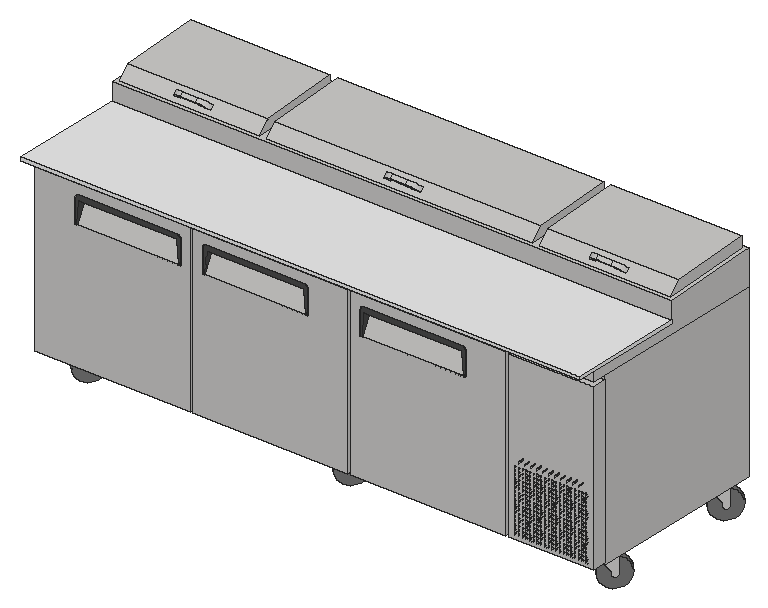
Revit family "QF_Turbo Air_TPR-93SD", category Specialty Equipment, Revit 2012
Parameters
  Weight in Pounds = 577
  Watermarked By = "http://revitwatermark.com"
  Volts = 115 V
  URL Cutsheet = ""
  URL = "www.turboairinc.com"
  Status [instance] = ""
  Specification by User [instance] = ""
  Specification by Manufacturer [instance] = ""
  Serial Number [instance] = ""
  Revision Code [instance] = ""
  Phase = 1
  Number of Poles [instance] = 1
  NAFEM Spec ID Number [instance] = ""
  Model = "TPR-93SD"
  Masterspec [instance] = ""
  Manufacturer = "Turbo Air"  # constant formula
  Legs [instance] = [6 inch Legs]  # no
  Item Number [instance] = "-"
  Installed By [instance] = ""
  HP = "2/3"
  Furnished By [instance] = ""
  Foodservice Equipment Identifier = yes
  FL Amps = 11 A
  Electrical Remarks [instance] = ""
  Electric Connection Type [instance] = ""
  Elec Conn RI Height [instance] = 0' - 0"
  Elec Conn Connection Height = 1' - 0"
  Description = "Pizza Prep Table"
  Cycle = 60 Hz
  Conn Plug = "NEMA 5-15P"
  Casters [instance] = not(Legs)  # yes
  CasterLeg Height [instance] = if([5 inch Casters], 0' 5 7/8", if([2_5 inch Casters], 0' 3 3/8", 0' 6"))  # 0' - 5 7/8"
  CSI MasterFormat = "11 41 13"
  Assembly Code = "E1090320"
  Apparent Power = if(Phase = 3, Volts * FL Amps * 1.73, Volts * FL Amps)  # 1265 VA
  6 inch Legs [instance] = no
  5 inch Casters [instance] = yes
  2_5 inch Casters [instance] = no
Reference planes (in)
  plane 1 "BACK": y = 0
  plane 2: z = 0
  plane 3 "LEFT": x = -20.78844
  plane 4 "RIGHT": x = 72.58656
  plane 5 "Front of Door": y = -32.25
  plane 6 "FRONT": y = -35.25
  plane 7 "Front of Pans": y = -16
  plane 8 "Left of Compressor": x = 58.46156
  plane 9 "Right of Left Door": x = 5.21156
  plane 10 "Bottom": z = 5.875
  plane 11 "TOP": z = 41.875
  plane 12 "Door Clearance": z = 53.25
  plane 13 "Work Top": z = 35.875
  plane 14: z = 34.3125
  plane 15 "Top of Door": z = 33.5625
  plane 16 "Bottom of Door": z = 6.125
  plane 17 "Back Stops": y = 1
  plane 18 "Front of Box": y = -29.875
  plane 19 "Left of Left Lid": x = -20.10094
  plane 20 "Right of Right Lid": x = 71.89906
  plane 21 "Handle Center of Left Lid": x = -8.44469
  plane 22 "Handle Elevation": z = 40.14331
  plane 23 "Handle Center FB": y = -14.47887
  plane 24 "Right of Right Door": x = 57.96156
  plane 25 "Left of Right Door": x = 31.96156
  plane 26 "Right of Left Lid": x = 3.21156
  plane 27 "Left of Right Lid": x = 50.02406
  plane 28 "Handle Center Right Lid": x = 60.96156
  plane 29 "Left of Middle Lid": x = 4.39906
  plane 30 "Right of Middle Lid": x = 48.83656
  plane 31 "Handle Center Middle Lid": x = 26.61781
  plane 32 "Left of Middle Door": x = 5.58656
  plane 33 "Right of Middle Door": x = 31.58656
Forms (in)
  Extrusion 1, solid, material "QF_Finishes_Stainless Steel"
    sketch origin (-20.78844, 0, 0) x (0, 1, 0) y (0, 0, 1)
      loop
        line (0, 34.3125) -> (-29.875, 34.3125) -> (-29.875, 5.875) -> (0, 5.875) -> (0, 34.3125)
    from 0 to 93.375
  Extrusion 2, solid, material "QF_Finishes_Stainless Steel"
    sketch origin (-20.78844, 0, 0) x (0, 1, 0) y (0, 0, 1)
      loop
        line (0, 34.3125) -> (0, 40.1875) -> (-16, 39.1875) -> (-16, 35.875) -> (-32.25, 35.875) -> (-32.25, 34.3125) -> (0, 34.3125)
    from 0 to 93.375
  Extrusion 3, solid, material "QF_Finishes_Stainless Steel"
    sketch origin (-20.10094, 0, 0) x (0, 1, 0) y (0, 0, 1)
      loop
        line (-0.43665, 40.16021) -> (-0.54382, 41.875) -> (-13.67506, 41.0543) -> (-15.28268, 39.23233) -> (-0.43665, 40.16021)
    from 0 to 23.3125
  Extrusion 4, solid, material "QF_Finishes_Stainless Steel"
    sketch origin (0, 15.62211, 13.58363) x (1, 0, 0) y (0, -0.749838, 0.661622)
      loop
        line (-6.44469, 40.14331) -> (-5.44469, 40.14331)
        arc (-5.44469, 40.14331) -> (-6.1194, 41.04872) -> (-7.19469, 41.39331) r 1.85
        line (-7.19469, 41.39331) -> (-9.69469, 41.39331)
        arc (-9.69469, 41.39331) -> (-10.76998, 41.04872) -> (-11.44469, 40.14331) r 1.85
        line (-11.44469, 40.14331) -> (-10.44469, 40.14331) -> (-10.44469, 40.64331)
        arc (-10.44469, 40.64331) -> (-10.29824, 40.99687) -> (-9.94469, 41.14331) r 0.5
        line (-9.94469, 41.14331) -> (-6.94469, 41.14331)
        arc (-6.94469, 41.14331) -> (-6.59114, 40.99687) -> (-6.44469, 40.64331) r 0.5
        line (-6.44469, 40.64331) -> (-6.44469, 40.14331)
    from -0.375 to 0.375
  Extrusion 5, solid, material "QF_Finishes_Black"
    sketch origin (0, -29.875, 0) x (1, 0, 0) y (0, 0, 1)
      loop
        line (-19.78844, 32.5625) -> (-19.78844, 7.125) -> (4.21156, 7.125) -> (4.21156, 32.5625) -> (-19.78844, 32.5625)
    from 0 to 0.5625
  Extrusion 6, solid, material "QF_Finishes_Stainless Steel"
    sketch origin (0, -29.875, 0) x (1, 0, 0) y (0, 0, 1)
      loop
        line (58.46156, 33.5625) -> (58.46156, 6.125) -> (72.58656, 6.125) -> (72.58656, 33.5625) -> (58.46156, 33.5625)
      loop
        line (66.02406, 7.125) -> (65.64906, 7.125) -> (65.64906, 6.75) -> (66.02406, 6.75) -> (66.02406, 7.125)
      loop
        line (66.64906, 7.125) -> (66.27406, 7.125) -> (66.27406, 6.75) -> (66.64906, 6.75) -> (66.64906, 7.125)
      loop
        line (67.27406, 7.125) -> (66.89906, 7.125) -> (66.89906, 6.75) -> (67.27406, 6.75) -> (67.27406, 7.125)
      loop
        line (67.89906, 7.125) -> (67.52406, 7.125) -> (67.52406, 6.75) -> (67.89906, 6.75) -> (67.89906, 7.125)
      loop
        line (68.52406, 7.125) -> (68.14906, 7.125) -> (68.14906, 6.75) -> (68.52406, 6.75) -> (68.52406, 7.125)
      loop
        line (69.14906, 7.125) -> (68.77406, 7.125) -> (68.77406, 6.75) -> (69.14906, 6.75) -> (69.14906, 7.125)
      loop
        line (69.77406, 7.125) -> (69.39906, 7.125) -> (69.39906, 6.75) -> (69.77406, 6.75) -> (69.77406, 7.125)
      loop
        line (70.39906, 7.125) -> (70.02406, 7.125) -> (70.02406, 6.75) -> (70.39906, 6.75) -> (70.39906, 7.125)
      loop
        line (71.02406, 7.125) -> (70.64906, 7.125) -> (70.64906, 6.75) -> (71.02406, 6.75) -> (71.02406, 7.125)
      loop
        line (71.64906, 6.75) -> (71.64906, 7.125) -> (71.27406, 7.125) -> (71.27406, 6.75) -> (71.64906, 6.75)
      loop
        line (65.02406, 7.125) -> (65.02406, 6.75) -> (65.39906, 6.75) -> (65.39906, 7.125) -> (65.02406, 7.125)
      loop
        line (64.39906, 7.125) -> (64.39906, 6.75) -> (64.77406, 6.75) -> (64.77406, 7.125) -> (64.39906, 7.125)
      loop
        line (63.77406, 7.125) -> (63.77406, 6.75) -> (64.14906, 6.75) -> (64.14906, 7.125) -> (63.77406, 7.125)
      loop
        line (63.14906, 7.125) -> (63.14906, 6.75) -> (63.52406, 6.75) -> (63.52406, 7.125) -> (63.14906, 7.125)
      loop
        line (62.52406, 7.125) -> (62.52406, 6.75) -> (62.89906, 6.75) -> (62.89906, 7.125) -> (62.52406, 7.125)
      loop
        line (61.89906, 7.125) -> (61.89906, 6.75) -> (62.27406, 6.75) -> (62.27406, 7.125) -> (61.89906, 7.125)
      loop
        line (61.27406, 7.125) -> (61.27406, 6.75) -> (61.64906, 6.75) -> (61.64906, 7.125) -> (61.27406, 7.125)
      loop
        line (60.64906, 7.125) -> (60.64906, 6.75) -> (61.02406, 6.75) -> (61.02406, 7.125) -> (60.64906, 7.125)
      loop
        line (60.02406, 7.125) -> (60.02406, 6.75) -> (60.39906, 6.75) -> (60.39906, 7.125) -> (60.02406, 7.125)
      loop
        line (59.39906, 6.75) -> (59.77406, 6.75) -> (59.77406, 7.125) -> (59.39906, 7.125) -> (59.39906, 6.75)
      loop
        line (66.02406, 7.75) -> (65.64906, 7.75) -> (65.64906, 7.375) -> (66.02406, 7.375) -> (66.02406, 7.75)
      loop
        line (66.64906, 7.75) -> (66.27406, 7.75) -> (66.27406, 7.375) -> (66.64906, 7.375) -> (66.64906, 7.75)
      loop
        line (67.27406, 7.75) -> (66.89906, 7.75) -> (66.89906, 7.375) -> (67.27406, 7.375) -> (67.27406, 7.75)
      loop
        line (67.89906, 7.75) -> (67.52406, 7.75) -> (67.52406, 7.375) -> (67.89906, 7.375) -> (67.89906, 7.75)
      loop
        line (68.52406, 7.75) -> (68.14906, 7.75) -> (68.14906, 7.375) -> (68.52406, 7.375) -> (68.52406, 7.75)
      loop
        line (69.14906, 7.75) -> (68.77406, 7.75) -> (68.77406, 7.375) -> (69.14906, 7.375) -> (69.14906, 7.75)
      loop
        line (69.77406, 7.75) -> (69.39906, 7.75) -> (69.39906, 7.375) -> (69.77406, 7.375) -> (69.77406, 7.75)
      loop
        line (70.39906, 7.75) -> (70.02406, 7.75) -> (70.02406, 7.375) -> (70.39906, 7.375) -> (70.39906, 7.75)
      loop
        line (71.02406, 7.75) -> (70.64906, 7.75) -> (70.64906, 7.375) -> (71.02406, 7.375) -> (71.02406, 7.75)
      loop
        line (71.64906, 7.375) -> (71.64906, 7.75) -> (71.27406, 7.75) -> (71.27406, 7.375) -> (71.64906, 7.375)
      loop
        line (65.02406, 7.75) -> (65.02406, 7.375) -> (65.39906, 7.375) -> (65.39906, 7.75) -> (65.02406, 7.75)
      loop
        line (64.39906, 7.75) -> (64.39906, 7.375) -> (64.77406, 7.375) -> (64.77406, 7.75) -> (64.39906, 7.75)
      loop
        line (63.77406, 7.75) -> (63.77406, 7.375) -> (64.14906, 7.375) -> (64.14906, 7.75) -> (63.77406, 7.75)
      loop
        line (63.14906, 7.75) -> (63.14906, 7.375) -> (63.52406, 7.375) -> (63.52406, 7.75) -> (63.14906, 7.75)
      loop
        line (62.52406, 7.75) -> (62.52406, 7.375) -> (62.89906, 7.375) -> (62.89906, 7.75) -> (62.52406, 7.75)
      loop
        line (61.89906, 7.75) -> (61.89906, 7.375) -> (62.27406, 7.375) -> (62.27406, 7.75) -> (61.89906, 7.75)
      loop
        line (61.27406, 7.75) -> (61.27406, 7.375) -> (61.64906, 7.375) -> (61.64906, 7.75) -> (61.27406, 7.75)
      loop
        line (60.64906, 7.75) -> (60.64906, 7.375) -> (61.02406, 7.375) -> (61.02406, 7.75) -> (60.64906, 7.75)
      loop
        line (60.02406, 7.75) -> (60.02406, 7.375) -> (60.39906, 7.375) -> (60.39906, 7.75) -> (60.02406, 7.75)
      loop
        line (59.39906, 7.375) -> (59.77406, 7.375) -> (59.77406, 7.75) -> (59.39906, 7.75) -> (59.39906, 7.375)
      loop
        line (66.02406, 8.375) -> (65.64906, 8.375) -> (65.64906, 8) -> (66.02406, 8) -> (66.02406, 8.375)
      loop
        line (66.64906, 8.375) -> (66.27406, 8.375) -> (66.27406, 8) -> (66.64906, 8) -> (66.64906, 8.375)
      loop
        line (67.27406, 8.375) -> (66.89906, 8.375) -> (66.89906, 8) -> (67.27406, 8) -> (67.27406, 8.375)
      loop
        line (67.89906, 8.375) -> (67.52406, 8.375) -> (67.52406, 8) -> (67.89906, 8) -> (67.89906, 8.375)
      loop
        line (68.52406, 8.375) -> (68.14906, 8.375) -> (68.14906, 8) -> (68.52406, 8) -> (68.52406, 8.375)
      loop
        line (69.14906, 8.375) -> (68.77406, 8.375) -> (68.77406, 8) -> (69.14906, 8) -> (69.14906, 8.375)
      loop
        line (69.77406, 8.375) -> (69.39906, 8.375) -> (69.39906, 8) -> (69.77406, 8) -> (69.77406, 8.375)
      loop
        line (70.39906, 8.375) -> (70.02406, 8.375) -> (70.02406, 8) -> (70.39906, 8) -> (70.39906, 8.375)
      loop
        line (71.02406, 8.375) -> (70.64906, 8.375) -> (70.64906, 8) -> (71.02406, 8) -> (71.02406, 8.375)
      loop
        line (71.64906, 8) -> (71.64906, 8.375) -> (71.27406, 8.375) -> (71.27406, 8) -> (71.64906, 8)
      loop
        line (65.02406, 8.375) -> (65.02406, 8) -> (65.39906, 8) -> (65.39906, 8.375) -> (65.02406, 8.375)
      loop
        line (64.39906, 8.375) -> (64.39906, 8) -> (64.77406, 8) -> (64.77406, 8.375) -> (64.39906, 8.375)
      loop
        line (63.77406, 8.375) -> (63.77406, 8) -> (64.14906, 8) -> (64.14906, 8.375) -> (63.77406, 8.375)
      loop
        line (63.14906, 8.375) -> (63.14906, 8) -> (63.52406, 8) -> (63.52406, 8.375) -> (63.14906, 8.375)
      loop
        line (62.52406, 8.375) -> (62.52406, 8) -> (62.89906, 8) -> (62.89906, 8.375) -> (62.52406, 8.375)
      loop
        line (61.89906, 8.375) -> (61.89906, 8) -> (62.27406, 8) -> (62.27406, 8.375) -> (61.89906, 8.375)
      loop
        line (61.27406, 8.375) -> (61.27406, 8) -> (61.64906, 8) -> (61.64906, 8.375) -> (61.27406, 8.375)
      loop
        line (60.64906, 8.375) -> (60.64906, 8) -> (61.02406, 8) -> (61.02406, 8.375) -> (60.64906, 8.375)
      loop
        line (60.02406, 8.375) -> (60.02406, 8) -> (60.39906, 8) -> (60.39906, 8.375) -> (60.02406, 8.375)
      loop
        line (59.39906, 8) -> (59.77406, 8) -> (59.77406, 8.375) -> (59.39906, 8.375) -> (59.39906, 8)
      loop
        line (66.02406, 9) -> (65.64906, 9) -> (65.64906, 8.625) -> (66.02406, 8.625) -> (66.02406, 9)
      loop
        line (66.64906, 9) -> (66.27406, 9) -> (66.27406, 8.625) -> (66.64906, 8.625) -> (66.64906, 9)
      loop
        line (67.27406, 9) -> (66.89906, 9) -> (66.89906, 8.625) -> (67.27406, 8.625) -> (67.27406, 9)
      loop
        line (67.89906, 9) -> (67.52406, 9) -> (67.52406, 8.625) -> (67.89906, 8.625) -> (67.89906, 9)
      loop
        line (68.52406, 9) -> (68.14906, 9) -> (68.14906, 8.625) -> (68.52406, 8.625) -> (68.52406, 9)
      loop
        line (69.14906, 9) -> (68.77406, 9) -> (68.77406, 8.625) -> (69.14906, 8.625) -> (69.14906, 9)
      loop
        line (69.77406, 9) -> (69.39906, 9) -> (69.39906, 8.625) -> (69.77406, 8.625) -> (69.77406, 9)
      loop
        line (70.39906, 9) -> (70.02406, 9) -> (70.02406, 8.625) -> (70.39906, 8.625) -> (70.39906, 9)
      loop
        line (71.02406, 9) -> (70.64906, 9) -> (70.64906, 8.625) -> (71.02406, 8.625) -> (71.02406, 9)
      loop
        line (71.64906, 8.625) -> (71.64906, 9) -> (71.27406, 9) -> (71.27406, 8.625) -> (71.64906, 8.625)
      loop
        line (65.02406, 9) -> (65.02406, 8.625) -> (65.39906, 8.625) -> (65.39906, 9) -> (65.02406, 9)
      loop
        line (64.39906, 9) -> (64.39906, 8.625) -> (64.77406, 8.625) -> (64.77406, 9) -> (64.39906, 9)
      loop
        line (63.77406, 9) -> (63.77406, 8.625) -> (64.14906, 8.625) -> (64.14906, 9) -> (63.77406, 9)
      loop
        line (63.14906, 9) -> (63.14906, 8.625) -> (63.52406, 8.625) -> (63.52406, 9) -> (63.14906, 9)
      loop
        line (62.52406, 9) -> (62.52406, 8.625) -> (62.89906, 8.625) -> (62.89906, 9) -> (62.52406, 9)
      loop
        line (61.89906, 9) -> (61.89906, 8.625) -> (62.27406, 8.625) -> (62.27406, 9) -> (61.89906, 9)
      loop
        line (61.27406, 9) -> (61.27406, 8.625) -> (61.64906, 8.625) -> (61.64906, 9) -> (61.27406, 9)
      loop
        line (60.64906, 9) -> (60.64906, 8.625) -> (61.02406, 8.625) -> (61.02406, 9) -> (60.64906, 9)
      loop
        line (60.02406, 9) -> (60.02406, 8.625) -> (60.39906, 8.625) -> (60.39906, 9) -> (60.02406, 9)
      loop
        line (59.39906, 8.625) -> (59.77406, 8.625) -> (59.77406, 9) -> (59.39906, 9) -> (59.39906, 8.625)
      loop
        line (66.02406, 9.625) -> (65.64906, 9.625) -> (65.64906, 9.25) -> (66.02406, 9.25) -> (66.02406, 9.625)
      loop
        line (66.64906, 9.625) -> (66.27406, 9.625) -> (66.27406, 9.25) -> (66.64906, 9.25) -> (66.64906, 9.625)
      loop
        line (67.27406, 9.625) -> (66.89906, 9.625) -> (66.89906, 9.25) -> (67.27406, 9.25) -> (67.27406, 9.625)
      loop
        line (67.89906, 9.625) -> (67.52406, 9.625) -> (67.52406, 9.25) -> (67.89906, 9.25) -> (67.89906, 9.625)
      loop
        line (68.52406, 9.625) -> (68.14906, 9.625) -> (68.14906, 9.25) -> (68.52406, 9.25) -> (68.52406, 9.625)
      loop
        line (69.14906, 9.625) -> (68.77406, 9.625) -> (68.77406, 9.25) -> (69.14906, 9.25) -> (69.14906, 9.625)
      loop
        line (69.77406, 9.625) -> (69.39906, 9.625) -> (69.39906, 9.25) -> (69.77406, 9.25) -> (69.77406, 9.625)
      loop
        line (70.39906, 9.625) -> (70.02406, 9.625) -> (70.02406, 9.25) -> (70.39906, 9.25) -> (70.39906, 9.625)
      loop
        line (71.02406, 9.625) -> (70.64906, 9.625) -> (70.64906, 9.25) -> (71.02406, 9.25) -> (71.02406, 9.625)
      loop
        line (71.64906, 9.25) -> (71.64906, 9.625) -> (71.27406, 9.625) -> (71.27406, 9.25) -> (71.64906, 9.25)
      loop
        line (65.02406, 9.625) -> (65.02406, 9.25) -> (65.39906, 9.25) -> (65.39906, 9.625) -> (65.02406, 9.625)
      loop
        line (64.39906, 9.625) -> (64.39906, 9.25) -> (64.77406, 9.25) -> (64.77406, 9.625) -> (64.39906, 9.625)
      loop
        line (63.77406, 9.625) -> (63.77406, 9.25) -> (64.14906, 9.25) -> (64.14906, 9.625) -> (63.77406, 9.625)
      loop
        line (63.14906, 9.625) -> (63.14906, 9.25) -> (63.52406, 9.25) -> (63.52406, 9.625) -> (63.14906, 9.625)
      loop
        line (62.52406, 9.625) -> (62.52406, 9.25) -> (62.89906, 9.25) -> (62.89906, 9.625) -> (62.52406, 9.625)
      loop
        line (61.89906, 9.625) -> (61.89906, 9.25) -> (62.27406, 9.25) -> (62.27406, 9.625) -> (61.89906, 9.625)
      loop
        line (61.27406, 9.625) -> (61.27406, 9.25) -> (61.64906, 9.25) -> (61.64906, 9.625) -> (61.27406, 9.625)
      loop
        line (60.64906, 9.625) -> (60.64906, 9.25) -> (61.02406, 9.25) -> (61.02406, 9.625) -> (60.64906, 9.625)
      loop
        line (60.02406, 9.625) -> (60.02406, 9.25) -> (60.39906, 9.25) -> (60.39906, 9.625) -> (60.02406, 9.625)
      loop
        line (59.39906, 9.25) -> (59.77406, 9.25) -> (59.77406, 9.625) -> (59.39906, 9.625) -> (59.39906, 9.25)
      loop
        line (66.02406, 10.25) -> (65.64906, 10.25) -> (65.64906, 9.875) -> (66.02406, 9.875) -> (66.02406, 10.25)
      loop
        line (66.64906, 10.25) -> (66.27406, 10.25) -> (66.27406, 9.875) -> (66.64906, 9.875) -> (66.64906, 10.25)
      loop
        line (67.27406, 10.25) -> (66.89906, 10.25) -> (66.89906, 9.875) -> (67.27406, 9.875) -> (67.27406, 10.25)
      loop
        line (67.89906, 10.25) -> (67.52406, 10.25) -> (67.52406, 9.875) -> (67.89906, 9.875) -> (67.89906, 10.25)
      loop
        line (68.52406, 10.25) -> (68.14906, 10.25) -> (68.14906, 9.875) -> (68.52406, 9.875) -> (68.52406, 10.25)
      loop
        line (69.14906, 10.25) -> (68.77406, 10.25) -> (68.77406, 9.875) -> (69.14906, 9.875) -> (69.14906, 10.25)
      loop
        line (69.77406, 10.25) -> (69.39906, 10.25) -> (69.39906, 9.875) -> (69.77406, 9.875) -> (69.77406, 10.25)
      loop
        line (70.39906, 10.25) -> (70.02406, 10.25) -> (70.02406, 9.875) -> (70.39906, 9.875) -> (70.39906, 10.25)
      loop
        line (71.02406, 10.25) -> (70.64906, 10.25) -> (70.64906, 9.875) -> (71.02406, 9.875) -> (71.02406, 10.25)
      loop
        line (71.64906, 9.875) -> (71.64906, 10.25) -> (71.27406, 10.25) -> (71.27406, 9.875) -> (71.64906, 9.875)
      loop
        line (65.02406, 10.25) -> (65.02406, 9.875) -> (65.39906, 9.875) -> (65.39906, 10.25) -> (65.02406, 10.25)
      loop
        line (64.39906, 10.25) -> (64.39906, 9.875) -> (64.77406, 9.875) -> (64.77406, 10.25) -> (64.39906, 10.25)
      loop
        line (63.77406, 10.25) -> (63.77406, 9.875) -> (64.14906, 9.875) -> (64.14906, 10.25) -> (63.77406, 10.25)
      loop
        line (63.14906, 10.25) -> (63.14906, 9.875) -> (63.52406, 9.875) -> (63.52406, 10.25) -> (63.14906, 10.25)
      loop
        line (62.52406, 10.25) -> (62.52406, 9.875) -> (62.89906, 9.875) -> (62.89906, 10.25) -> (62.52406, 10.25)
      loop
        line (61.89906, 10.25) -> (61.89906, 9.875) -> (62.27406, 9.875) -> (62.27406, 10.25) -> (61.89906, 10.25)
      loop
        line (61.27406, 10.25) -> (61.27406, 9.875) -> (61.64906, 9.875) -> (61.64906, 10.25) -> (61.27406, 10.25)
      loop
        line (60.64906, 10.25) -> (60.64906, 9.875) -> (61.02406, 9.875) -> (61.02406, 10.25) -> (60.64906, 10.25)
      loop
        line (60.02406, 10.25) -> (60.02406, 9.875) -> (60.39906, 9.875) -> (60.39906, 10.25) -> (60.02406, 10.25)
      loop
        line (59.39906, 9.875) -> (59.77406, 9.875) -> (59.77406, 10.25) -> (59.39906, 10.25) -> (59.39906, 9.875)
      loop
        line (66.02406, 10.875) -> (65.64906, 10.875) -> (65.64906, 10.5) -> (66.02406, 10.5) -> (66.02406, 10.875)
      loop
        line (66.64906, 10.875) -> (66.27406, 10.875) -> (66.27406, 10.5) -> (66.64906, 10.5) -> (66.64906, 10.875)
      loop
        line (67.27406, 10.875) -> (66.89906, 10.875) -> (66.89906, 10.5) -> (67.27406, 10.5) -> (67.27406, 10.875)
      loop
        line (67.89906, 10.875) -> (67.52406, 10.875) -> (67.52406, 10.5) -> (67.89906, 10.5) -> (67.89906, 10.875)
      loop
        line (68.52406, 10.875) -> (68.14906, 10.875) -> (68.14906, 10.5) -> (68.52406, 10.5) -> (68.52406, 10.875)
      loop
        line (69.14906, 10.875) -> (68.77406, 10.875) -> (68.77406, 10.5) -> (69.14906, 10.5) -> (69.14906, 10.875)
      loop
        line (69.77406, 10.875) -> (69.39906, 10.875) -> (69.39906, 10.5) -> (69.77406, 10.5) -> (69.77406, 10.875)
      loop
        line (70.39906, 10.875) -> (70.02406, 10.875) -> (70.02406, 10.5) -> (70.39906, 10.5) -> (70.39906, 10.875)
      loop
        line (71.02406, 10.875) -> (70.64906, 10.875) -> (70.64906, 10.5) -> (71.02406, 10.5) -> (71.02406, 10.875)
      loop
        line (71.64906, 10.5) -> (71.64906, 10.875) -> (71.27406, 10.875) -> (71.27406, 10.5) -> (71.64906, 10.5)
      loop
        line (65.02406, 10.875) -> (65.02406, 10.5) -> (65.39906, 10.5) -> (65.39906, 10.875) -> (65.02406, 10.875)
      loop
        line (64.39906, 10.875) -> (64.39906, 10.5) -> (64.77406, 10.5) -> (64.77406, 10.875) -> (64.39906, 10.875)
      loop
        line (63.77406, 10.875) -> (63.77406, 10.5) -> (64.14906, 10.5) -> (64.14906, 10.875) -> (63.77406, 10.875)
      loop
        line (63.14906, 10.875) -> (63.14906, 10.5) -> (63.52406, 10.5) -> (63.52406, 10.875) -> (63.14906, 10.875)
      loop
        line (62.52406, 10.875) -> (62.52406, 10.5) -> (62.89906, 10.5) -> (62.89906, 10.875) -> (62.52406, 10.875)
      loop
        line (61.89906, 10.875) -> (61.89906, 10.5) -> (62.27406, 10.5) -> (62.27406, 10.875) -> (61.89906, 10.875)
      loop
        line (61.27406, 10.875) -> (61.27406, 10.5) -> (61.64906, 10.5) -> (61.64906, 10.875) -> (61.27406, 10.875)
      loop
        line (60.64906, 10.875) -> (60.64906, 10.5) -> (61.02406, 10.5) -> (61.02406, 10.875) -> (60.64906, 10.875)
      loop
        line (60.02406, 10.875) -> (60.02406, 10.5) -> (60.39906, 10.5) -> (60.39906, 10.875) -> (60.02406, 10.875)
      loop
        line (59.39906, 10.5) -> (59.77406, 10.5) -> (59.77406, 10.875) -> (59.39906, 10.875) -> (59.39906, 10.5)
      loop
        line (66.02406, 11.5) -> (65.64906, 11.5) -> (65.64906, 11.125) -> (66.02406, 11.125) -> (66.02406, 11.5)
      loop
        line (66.64906, 11.5) -> (66.27406, 11.5) -> (66.27406, 11.125) -> (66.64906, 11.125) -> (66.64906, 11.5)
      loop
        line (67.27406, 11.5) -> (66.89906, 11.5) -> (66.89906, 11.125) -> (67.27406, 11.125) -> (67.27406, 11.5)
      loop
        line (67.89906, 11.5) -> (67.52406, 11.5) -> (67.52406, 11.125) -> (67.89906, 11.125) -> (67.89906, 11.5)
      loop
        line (68.52406, 11.5) -> (68.14906, 11.5) -> (68.14906, 11.125) -> (68.52406, 11.125) -> (68.52406, 11.5)
      loop
        line (69.14906, 11.5) -> (68.77406, 11.5) -> (68.77406, 11.125) -> (69.14906, 11.125) -> (69.14906, 11.5)
      loop
        line (69.77406, 11.5) -> (69.39906, 11.5) -> (69.39906, 11.125) -> (69.77406, 11.125) -> (69.77406, 11.5)
      loop
        line (70.39906, 11.5) -> (70.02406, 11.5) -> (70.02406, 11.125) -> (70.39906, 11.125) -> (70.39906, 11.5)
      loop
        line (71.02406, 11.5) -> (70.64906, 11.5) -> (70.64906, 11.125) -> (71.02406, 11.125) -> (71.02406, 11.5)
      loop
        line (71.64906, 11.125) -> (71.64906, 11.5) -> (71.27406, 11.5) -> (71.27406, 11.125) -> (71.64906, 11.125)
      loop
        line (65.02406, 11.5) -> (65.02406, 11.125) -> (65.39906, 11.125) -> (65.39906, 11.5) -> (65.02406, 11.5)
      loop
        line (64.39906, 11.5) -> (64.39906, 11.125) -> (64.77406, 11.125) -> (64.77406, 11.5) -> (64.39906, 11.5)
      loop
        line (63.77406, 11.5) -> (63.77406, 11.125) -> (64.14906, 11.125) -> (64.14906, 11.5) -> (63.77406, 11.5)
      loop
        line (63.14906, 11.5) -> (63.14906, 11.125) -> (63.52406, 11.125) -> (63.52406, 11.5) -> (63.14906, 11.5)
      loop
        line (62.52406, 11.5) -> (62.52406, 11.125) -> (62.89906, 11.125) -> (62.89906, 11.5) -> (62.52406, 11.5)
      loop
        line (61.89906, 11.5) -> (61.89906, 11.125) -> (62.27406, 11.125) -> (62.27406, 11.5) -> (61.89906, 11.5)
      loop
        line (61.27406, 11.5) -> (61.27406, 11.125) -> (61.64906, 11.125) -> (61.64906, 11.5) -> (61.27406, 11.5)
      loop
        line (60.64906, 11.5) -> (60.64906, 11.125) -> (61.02406, 11.125) -> (61.02406, 11.5) -> (60.64906, 11.5)
      loop
        line (60.02406, 11.5) -> (60.02406, 11.125) -> (60.39906, 11.125) -> (60.39906, 11.5) -> (60.02406, 11.5)
      loop
        line (59.39906, 11.125) -> (59.77406, 11.125) -> (59.77406, 11.5) -> (59.39906, 11.5) -> (59.39906, 11.125)
      loop
        line (66.02406, 12.125) -> (65.64906, 12.125) -> (65.64906, 11.75) -> (66.02406, 11.75) -> (66.02406, 12.125)
      loop
        line (66.64906, 12.125) -> (66.27406, 12.125) -> (66.27406, 11.75) -> (66.64906, 11.75) -> (66.64906, 12.125)
      loop
        line (67.27406, 12.125) -> (66.89906, 12.125) -> (66.89906, 11.75) -> (67.27406, 11.75) -> (67.27406, 12.125)
      loop
        line (67.89906, 12.125) -> (67.52406, 12.125) -> (67.52406, 11.75) -> (67.89906, 11.75) -> (67.89906, 12.125)
      loop
        line (68.52406, 12.125) -> (68.14906, 12.125) -> (68.14906, 11.75) -> (68.52406, 11.75) -> (68.52406, 12.125)
      loop
        line (69.14906, 12.125) -> (68.77406, 12.125) -> (68.77406, 11.75) -> (69.14906, 11.75) -> (69.14906, 12.125)
      loop
        line (69.77406, 12.125) -> (69.39906, 12.125) -> (69.39906, 11.75) -> (69.77406, 11.75) -> (69.77406, 12.125)
      loop
        line (70.39906, 12.125) -> (70.02406, 12.125) -> (70.02406, 11.75) -> (70.39906, 11.75) -> (70.39906, 12.125)
      loop
        line (71.02406, 12.125) -> (70.64906, 12.125) -> (70.64906, 11.75) -> (71.02406, 11.75) -> (71.02406, 12.125)
      loop
        line (71.64906, 11.75) -> (71.64906, 12.125) -> (71.27406, 12.125) -> (71.27406, 11.75) -> (71.64906, 11.75)
      loop
        line (65.02406, 12.125) -> (65.02406, 11.75) -> (65.39906, 11.75) -> (65.39906, 12.125) -> (65.02406, 12.125)
      loop
        line (64.39906, 12.125) -> (64.39906, 11.75) -> (64.77406, 11.75) -> (64.77406, 12.125) -> (64.39906, 12.125)
      loop
        line (63.77406, 12.125) -> (63.77406, 11.75) -> (64.14906, 11.75) -> (64.14906, 12.125) -> (63.77406, 12.125)
      loop
        line (63.14906, 12.125) -> (63.14906, 11.75) -> (63.52406, 11.75) -> (63.52406, 12.125) -> (63.14906, 12.125)
      loop
        line (62.52406, 12.125) -> (62.52406, 11.75) -> (62.89906, 11.75) -> (62.89906, 12.125) -> (62.52406, 12.125)
      loop
        line (61.89906, 12.125) -> (61.89906, 11.75) -> (62.27406, 11.75) -> (62.27406, 12.125) -> (61.89906, 12.125)
      loop
        line (61.27406, 12.125) -> (61.27406, 11.75) -> (61.64906, 11.75) -> (61.64906, 12.125) -> (61.27406, 12.125)
      loop
        line (60.64906, 12.125) -> (60.64906, 11.75) -> (61.02406, 11.75) -> (61.02406, 12.125) -> (60.64906, 12.125)
      loop
        line (60.02406, 12.125) -> (60.02406, 11.75) -> (60.39906, 11.75) -> (60.39906, 12.125) -> (60.02406, 12.125)
      loop
        line (59.39906, 11.75) -> (59.77406, 11.75) -> (59.77406, 12.125) -> (59.39906, 12.125) -> (59.39906, 11.75)
      loop
        line (66.02406, 12.75) -> (65.64906, 12.75) -> (65.64906, 12.375) -> (66.02406, 12.375) -> (66.02406, 12.75)
      loop
        line (66.64906, 12.75) -> (66.27406, 12.75) -> (66.27406, 12.375) -> (66.64906, 12.375) -> (66.64906, 12.75)
      loop
        line (67.27406, 12.75) -> (66.89906, 12.75) -> (66.89906, 12.375) -> (67.27406, 12.375) -> (67.27406, 12.75)
      loop
        line (67.89906, 12.75) -> (67.52406, 12.75) -> (67.52406, 12.375) -> (67.89906, 12.375) -> (67.89906, 12.75)
      loop
        line (68.52406, 12.75) -> (68.14906, 12.75) -> (68.14906, 12.375) -> (68.52406, 12.375) -> (68.52406, 12.75)
      loop
        line (69.14906, 12.75) -> (68.77406, 12.75) -> (68.77406, 12.375) -> (69.14906, 12.375) -> (69.14906, 12.75)
      loop
        line (69.77406, 12.75) -> (69.39906, 12.75) -> (69.39906, 12.375) -> (69.77406, 12.375) -> (69.77406, 12.75)
      loop
        line (70.39906, 12.75) -> (70.02406, 12.75) -> (70.02406, 12.375) -> (70.39906, 12.375) -> (70.39906, 12.75)
      loop
        line (71.02406, 12.75) -> (70.64906, 12.75) -> (70.64906, 12.375) -> (71.02406, 12.375) -> (71.02406, 12.75)
      loop
        line (71.64906, 12.375) -> (71.64906, 12.75) -> (71.27406, 12.75) -> (71.27406, 12.375) -> (71.64906, 12.375)
      loop
        line (65.02406, 12.75) -> (65.02406, 12.375) -> (65.39906, 12.375) -> (65.39906, 12.75) -> (65.02406, 12.75)
      loop
        line (64.39906, 12.75) -> (64.39906, 12.375) -> (64.77406, 12.375) -> (64.77406, 12.75) -> (64.39906, 12.75)
      loop
        line (63.77406, 12.75) -> (63.77406, 12.375) -> (64.14906, 12.375) -> (64.14906, 12.75) -> (63.77406, 12.75)
      loop
        line (63.14906, 12.75) -> (63.14906, 12.375) -> (63.52406, 12.375) -> (63.52406, 12.75) -> (63.14906, 12.75)
      loop
        line (62.52406, 12.75) -> (62.52406, 12.375) -> (62.89906, 12.375) -> (62.89906, 12.75) -> (62.52406, 12.75)
      loop
        line (61.89906, 12.75) -> (61.89906, 12.375) -> (62.27406, 12.375) -> (62.27406, 12.75) -> (61.89906, 12.75)
      loop
        line (61.27406, 12.75) -> (61.27406, 12.375) -> (61.64906, 12.375) -> (61.64906, 12.75) -> (61.27406, 12.75)
      loop
        line (60.64906, 12.75) -> (60.64906, 12.375) -> (61.02406, 12.375) -> (61.02406, 12.75) -> (60.64906, 12.75)
      loop
        line (60.02406, 12.75) -> (60.02406, 12.375) -> (60.39906, 12.375) -> (60.39906, 12.75) -> (60.02406, 12.75)
      loop
        line (59.39906, 12.375) -> (59.77406, 12.375) -> (59.77406, 12.75) -> (59.39906, 12.75) -> (59.39906, 12.375)
      loop
        line (66.02406, 13.375) -> (65.64906, 13.375) -> (65.64906, 13) -> (66.02406, 13) -> (66.02406, 13.375)
      loop
        line (66.64906, 13.375) -> (66.27406, 13.375) -> (66.27406, 13) -> (66.64906, 13) -> (66.64906, 13.375)
      loop
        line (67.27406, 13.375) -> (66.89906, 13.375) -> (66.89906, 13) -> (67.27406, 13) -> (67.27406, 13.375)
      loop
        line (67.89906, 13.375) -> (67.52406, 13.375) -> (67.52406, 13) -> (67.89906, 13) -> (67.89906, 13.375)
      loop
        line (68.52406, 13.375) -> (68.14906, 13.375) -> (68.14906, 13) -> (68.52406, 13) -> (68.52406, 13.375)
      loop
        line (69.14906, 13.375) -> (68.77406, 13.375) -> (68.77406, 13) -> (69.14906, 13) -> (69.14906, 13.375)
      loop
        line (69.77406, 13.375) -> (69.39906, 13.375) -> (69.39906, 13) -> (69.77406, 13) -> (69.77406, 13.375)
      loop
        line (70.39906, 13.375) -> (70.02406, 13.375) -> (70.02406, 13) -> (70.39906, 13) -> (70.39906, 13.375)
      loop
        line (71.02406, 13.375) -> (70.64906, 13.375) -> (70.64906, 13) -> (71.02406, 13) -> (71.02406, 13.375)
      loop
        line (71.64906, 13) -> (71.64906, 13.375) -> (71.27406, 13.375) -> (71.27406, 13) -> (71.64906, 13)
      loop
        line (65.02406, 13.375) -> (65.02406, 13) -> (65.39906, 13) -> (65.39906, 13.375) -> (65.02406, 13.375)
      loop
        line (64.39906, 13.375) -> (64.39906, 13) -> (64.77406, 13) -> (64.77406, 13.375) -> (64.39906, 13.375)
      loop
        line (63.77406, 13.375) -> (63.77406, 13) -> (64.14906, 13) -> (64.14906, 13.375) -> (63.77406, 13.375)
      loop
        line (63.14906, 13.375) -> (63.14906, 13) -> (63.52406, 13) -> (63.52406, 13.375) -> (63.14906, 13.375)
      loop
        line (62.52406, 13.375) -> (62.52406, 13) -> (62.89906, 13) -> (62.89906, 13.375) -> (62.52406, 13.375)
      loop
        line (61.89906, 13.375) -> (61.89906, 13) -> (62.27406, 13) -> (62.27406, 13.375) -> (61.89906, 13.375)
      loop
        line (61.27406, 13.375) -> (61.27406, 13) -> (61.64906, 13) -> (61.64906, 13.375) -> (61.27406, 13.375)
      loop
        line (60.64906, 13.375) -> (60.64906, 13) -> (61.02406, 13) -> (61.02406, 13.375) -> (60.64906, 13.375)
      loop
        line (60.02406, 13.375) -> (60.02406, 13) -> (60.39906, 13) -> (60.39906, 13.375) -> (60.02406, 13.375)
      loop
        line (59.39906, 13) -> (59.77406, 13) -> (59.77406, 13.375) -> (59.39906, 13.375) -> (59.39906, 13)
      loop
        line (66.02406, 14) -> (65.64906, 14) -> (65.64906, 13.625) -> (66.02406, 13.625) -> (66.02406, 14)
      loop
        line (66.64906, 14) -> (66.27406, 14) -> (66.27406, 13.625) -> (66.64906, 13.625) -> (66.64906, 14)
      loop
        line (67.27406, 14) -> (66.89906, 14) -> (66.89906, 13.625) -> (67.27406, 13.625) -> (67.27406, 14)
      loop
        line (67.89906, 14) -> (67.52406, 14) -> (67.52406, 13.625) -> (67.89906, 13.625) -> (67.89906, 14)
      loop
        line (68.52406, 14) -> (68.14906, 14) -> (68.14906, 13.625) -> (68.52406, 13.625) -> (68.52406, 14)
      loop
        line (69.14906, 14) -> (68.77406, 14) -> (68.77406, 13.625) -> (69.14906, 13.625) -> (69.14906, 14)
      loop
        line (69.77406, 14) -> (69.39906, 14) -> (69.39906, 13.625) -> (69.77406, 13.625) -> (69.77406, 14)
      loop
        line (70.39906, 14) -> (70.02406, 14) -> (70.02406, 13.625) -> (70.39906, 13.625) -> (70.39906, 14)
      loop
        line (71.02406, 14) -> (70.64906, 14) -> (70.64906, 13.625) -> (71.02406, 13.625) -> (71.02406, 14)
      loop
        line (71.64906, 13.625) -> (71.64906, 14) -> (71.27406, 14) -> (71.27406, 13.625) -> (71.64906, 13.625)
      loop
        line (65.02406, 14) -> (65.02406, 13.625) -> (65.39906, 13.625) -> (65.39906, 14) -> (65.02406, 14)
      loop
        line (64.39906, 14) -> (64.39906, 13.625) -> (64.77406, 13.625) -> (64.77406, 14) -> (64.39906, 14)
      loop
        line (63.77406, 14) -> (63.77406, 13.625) -> (64.14906, 13.625) -> (64.14906, 14) -> (63.77406, 14)
      loop
        line (63.14906, 14) -> (63.14906, 13.625) -> (63.52406, 13.625) -> (63.52406, 14) -> (63.14906, 14)
      loop
        line (62.52406, 14) -> (62.52406, 13.625) -> (62.89906, 13.625) -> (62.89906, 14) -> (62.52406, 14)
      loop
        line (61.89906, 14) -> (61.89906, 13.625) -> (62.27406, 13.625) -> (62.27406, 14) -> (61.89906, 14)
      loop
        line (61.27406, 14) -> (61.27406, 13.625) -> (61.64906, 13.625) -> (61.64906, 14) -> (61.27406, 14)
      loop
        line (60.64906, 14) -> (60.64906, 13.625) -> (61.02406, 13.625) -> (61.02406, 14) -> (60.64906, 14)
      loop
        line (60.02406, 14) -> (60.02406, 13.625) -> (60.39906, 13.625) -> (60.39906, 14) -> (60.02406, 14)
      loop
        line (59.39906, 13.625) -> (59.77406, 13.625) -> (59.77406, 14) -> (59.39906, 14) -> (59.39906, 13.625)
      loop
        line (66.02406, 14.625) -> (65.64906, 14.625) -> (65.64906, 14.25) -> (66.02406, 14.25) -> (66.02406, 14.625)
      loop
        line (66.64906, 14.625) -> (66.27406, 14.625) -> (66.27406, 14.25) -> (66.64906, 14.25) -> (66.64906, 14.625)
      loop
        line (67.27406, 14.625) -> (66.89906, 14.625) -> (66.89906, 14.25) -> (67.27406, 14.25) -> (67.27406, 14.625)
      loop
        line (67.89906, 14.625) -> (67.52406, 14.625) -> (67.52406, 14.25) -> (67.89906, 14.25) -> (67.89906, 14.625)
      loop
        line (68.52406, 14.625) -> (68.14906, 14.625) -> (68.14906, 14.25) -> (68.52406, 14.25) -> (68.52406, 14.625)
      loop
        line (69.14906, 14.625) -> (68.77406, 14.625) -> (68.77406, 14.25) -> (69.14906, 14.25) -> (69.14906, 14.625)
      loop
        line (69.77406, 14.625) -> (69.39906, 14.625) -> (69.39906, 14.25) -> (69.77406, 14.25) -> (69.77406, 14.625)
      loop
        line (70.39906, 14.625) -> (70.02406, 14.625) -> (70.02406, 14.25) -> (70.39906, 14.25) -> (70.39906, 14.625)
      loop
        line (71.02406, 14.625) -> (70.64906, 14.625) -> (70.64906, 14.25) -> (71.02406, 14.25) -> (71.02406, 14.625)
      loop
        line (71.64906, 14.25) -> (71.64906, 14.625) -> (71.27406, 14.625) -> (71.27406, 14.25) -> (71.64906, 14.25)
      loop
        line (65.02406, 14.625) -> (65.02406, 14.25) -> (65.39906, 14.25) -> (65.39906, 14.625) -> (65.02406, 14.625)
      loop
        line (64.39906, 14.625) -> (64.39906, 14.25) -> (64.77406, 14.25) -> (64.77406, 14.625) -> (64.39906, 14.625)
      loop
        line (63.77406, 14.625) -> (63.77406, 14.25) -> (64.14906, 14.25) -> (64.14906, 14.625) -> (63.77406, 14.625)
      loop
        line (63.14906, 14.625) -> (63.14906, 14.25) -> (63.52406, 14.25) -> (63.52406, 14.625) -> (63.14906, 14.625)
      loop
        line (62.52406, 14.625) -> (62.52406, 14.25) -> (62.89906, 14.25) -> (62.89906, 14.625) -> (62.52406, 14.625)
      loop
        line (61.89906, 14.625) -> (61.89906, 14.25) -> (62.27406, 14.25) -> (62.27406, 14.625) -> (61.89906, 14.625)
      loop
        line (61.27406, 14.625) -> (61.27406, 14.25) -> (61.64906, 14.25) -> (61.64906, 14.625) -> (61.27406, 14.625)
      loop
        line (60.64906, 14.625) -> (60.64906, 14.25) -> (61.02406, 14.25) -> (61.02406, 14.625) -> (60.64906, 14.625)
      loop
        line (60.02406, 14.625) -> (60.02406, 14.25) -> (60.39906, 14.25) -> (60.39906, 14.625) -> (60.02406, 14.625)
      loop
        line (59.39906, 14.25) -> (59.77406, 14.25) -> (59.77406, 14.625) -> (59.39906, 14.625) -> (59.39906, 14.25)
      loop
        line (66.02406, 15.25) -> (65.64906, 15.25) -> (65.64906, 14.875) -> (66.02406, 14.875) -> (66.02406, 15.25)
      loop
        line (66.64906, 15.25) -> (66.27406, 15.25) -> (66.27406, 14.875) -> (66.64906, 14.875) -> (66.64906, 15.25)
      loop
        line (67.27406, 15.25) -> (66.89906, 15.25) -> (66.89906, 14.875) -> (67.27406, 14.875) -> (67.27406, 15.25)
      loop
        line (67.89906, 15.25) -> (67.52406, 15.25) -> (67.52406, 14.875) -> (67.89906, 14.875) -> (67.89906, 15.25)
      loop
        line (68.52406, 15.25) -> (68.14906, 15.25) -> (68.14906, 14.875) -> (68.52406, 14.875) -> (68.52406, 15.25)
      loop
        line (69.14906, 15.25) -> (68.77406, 15.25) -> (68.77406, 14.875) -> (69.14906, 14.875) -> (69.14906, 15.25)
      loop
        line (69.77406, 15.25) -> (69.39906, 15.25) -> (69.39906, 14.875) -> (69.77406, 14.875) -> (69.77406, 15.25)
      loop
        line (70.39906, 15.25) -> (70.02406, 15.25) -> (70.02406, 14.875) -> (70.39906, 14.875) -> (70.39906, 15.25)
      loop
        line (71.02406, 15.25) -> (70.64906, 15.25) -> (70.64906, 14.875) -> (71.02406, 14.875) -> (71.02406, 15.25)
      loop
        line (71.64906, 14.875) -> (71.64906, 15.25) -> (71.27406, 15.25) -> (71.27406, 14.875) -> (71.64906, 14.875)
      loop
        line (65.02406, 15.25) -> (65.02406, 14.875) -> (65.39906, 14.875) -> (65.39906, 15.25) -> (65.02406, 15.25)
      loop
        line (64.39906, 15.25) -> (64.39906, 14.875) -> (64.77406, 14.875) -> (64.77406, 15.25) -> (64.39906, 15.25)
      loop
        line (63.77406, 15.25) -> (63.77406, 14.875) -> (64.14906, 14.875) -> (64.14906, 15.25) -> (63.77406, 15.25)
      loop
        line (63.14906, 15.25) -> (63.14906, 14.875) -> (63.52406, 14.875) -> (63.52406, 15.25) -> (63.14906, 15.25)
      loop
        line (62.52406, 15.25) -> (62.52406, 14.875) -> (62.89906, 14.875) -> (62.89906, 15.25) -> (62.52406, 15.25)
      loop
        line (61.89906, 15.25) -> (61.89906, 14.875) -> (62.27406, 14.875) -> (62.27406, 15.25) -> (61.89906, 15.25)
      loop
        line (61.27406, 15.25) -> (61.27406, 14.875) -> (61.64906, 14.875) -> (61.64906, 15.25) -> (61.27406, 15.25)
      loop
        line (60.64906, 15.25) -> (60.64906, 14.875) -> (61.02406, 14.875) -> (61.02406, 15.25) -> (60.64906, 15.25)
      loop
        line (60.02406, 15.25) -> (60.02406, 14.875) -> (60.39906, 14.875) -> (60.39906, 15.25) -> (60.02406, 15.25)
      loop
        line (59.39906, 14.875) -> (59.77406, 14.875) -> (59.77406, 15.25) -> (59.39906, 15.25) -> (59.39906, 14.875)
      loop
        line (66.02406, 15.875) -> (65.64906, 15.875) -> (65.64906, 15.5) -> (66.02406, 15.5) -> (66.02406, 15.875)
      loop
        line (66.64906, 15.875) -> (66.27406, 15.875) -> (66.27406, 15.5) -> (66.64906, 15.5) -> (66.64906, 15.875)
      loop
        line (67.27406, 15.875) -> (66.89906, 15.875) -> (66.89906, 15.5) -> (67.27406, 15.5) -> (67.27406, 15.875)
      loop
        line (67.89906, 15.875) -> (67.52406, 15.875) -> (67.52406, 15.5) -> (67.89906, 15.5) -> (67.89906, 15.875)
      loop
        line (68.52406, 15.875) -> (68.14906, 15.875) -> (68.14906, 15.5) -> (68.52406, 15.5) -> (68.52406, 15.875)
      loop
        line (69.14906, 15.875) -> (68.77406, 15.875) -> (68.77406, 15.5) -> (69.14906, 15.5) -> (69.14906, 15.875)
      loop
        line (69.77406, 15.875) -> (69.39906, 15.875) -> (69.39906, 15.5) -> (69.77406, 15.5) -> (69.77406, 15.875)
      loop
        line (70.39906, 15.875) -> (70.02406, 15.875) -> (70.02406, 15.5) -> (70.39906, 15.5) -> (70.39906, 15.875)
      loop
        line (71.02406, 15.875) -> (70.64906, 15.875) -> (70.64906, 15.5) -> (71.02406, 15.5) -> (71.02406, 15.875)
      loop
        line (71.64906, 15.5) -> (71.64906, 15.875) -> (71.27406, 15.875) -> (71.27406, 15.5) -> (71.64906, 15.5)
      loop
        line (65.02406, 15.875) -> (65.02406, 15.5) -> (65.39906, 15.5) -> (65.39906, 15.875) -> (65.02406, 15.875)
      loop
        line (64.39906, 15.875) -> (64.39906, 15.5) -> (64.77406, 15.5) -> (64.77406, 15.875) -> (64.39906, 15.875)
      loop
        line (63.77406, 15.875) -> (63.77406, 15.5) -> (64.14906, 15.5) -> (64.14906, 15.875) -> (63.77406, 15.875)
      loop
        line (63.14906, 15.875) -> (63.14906, 15.5) -> (63.52406, 15.5) -> (63.52406, 15.875) -> (63.14906, 15.875)
      loop
        line (62.52406, 15.875) -> (62.52406, 15.5) -> (62.89906, 15.5) -> (62.89906, 15.875) -> (62.52406, 15.875)
      loop
        line (61.89906, 15.875) -> (61.89906, 15.5) -> (62.27406, 15.5) -> (62.27406, 15.875) -> (61.89906, 15.875)
      loop
        line (61.27406, 15.875) -> (61.27406, 15.5) -> (61.64906, 15.5) -> (61.64906, 15.875) -> (61.27406, 15.875)
      loop
        line (60.64906, 15.875) -> (60.64906, 15.5) -> (61.02406, 15.5) -> (61.02406, 15.875) -> (60.64906, 15.875)
      loop
        line (60.02406, 15.875) -> (60.02406, 15.5) -> (60.39906, 15.5) -> (60.39906, 15.875) -> (60.02406, 15.875)
      loop
        line (59.39906, 15.5) -> (59.77406, 15.5) -> (59.77406, 15.875) -> (59.39906, 15.875) -> (59.39906, 15.5)
      loop
        line (66.02406, 16.5) -> (65.64906, 16.5) -> (65.64906, 16.125) -> (66.02406, 16.125) -> (66.02406, 16.5)
      loop
        line (66.64906, 16.5) -> (66.27406, 16.5) -> (66.27406, 16.125) -> (66.64906, 16.125) -> (66.64906, 16.5)
      loop
        line (67.27406, 16.5) -> (66.89906, 16.5) -> (66.89906, 16.125) -> (67.27406, 16.125) -> (67.27406, 16.5)
      loop
        line (67.89906, 16.5) -> (67.52406, 16.5) -> (67.52406, 16.125) -> (67.89906, 16.125) -> (67.89906, 16.5)
      loop
        line (68.52406, 16.5) -> (68.14906, 16.5) -> (68.14906, 16.125) -> (68.52406, 16.125) -> (68.52406, 16.5)
      loop
        line (69.14906, 16.5) -> (68.77406, 16.5) -> (68.77406, 16.125) -> (69.14906, 16.125) -> (69.14906, 16.5)
      loop
        line (69.77406, 16.5) -> (69.39906, 16.5) -> (69.39906, 16.125) -> (69.77406, 16.125) -> (69.77406, 16.5)
      loop
        line (70.39906, 16.5) -> (70.02406, 16.5) -> (70.02406, 16.125) -> (70.39906, 16.125) -> (70.39906, 16.5)
      loop
        line (71.02406, 16.5) -> (70.64906, 16.5) -> (70.64906, 16.125) -> (71.02406, 16.125) -> (71.02406, 16.5)
      loop
        line (71.64906, 16.125) -> (71.64906, 16.5) -> (71.27406, 16.5) -> (71.27406, 16.125) -> (71.64906, 16.125)
      loop
        line (65.02406, 16.5) -> (65.02406, 16.125) -> (65.39906, 16.125) -> (65.39906, 16.5) -> (65.02406, 16.5)
      loop
        line (64.39906, 16.5) -> (64.39906, 16.125) -> (64.77406, 16.125) -> (64.77406, 16.5) -> (64.39906, 16.5)
      loop
        line (63.77406, 16.5) -> (63.77406, 16.125) -> (64.14906, 16.125) -> (64.14906, 16.5) -> (63.77406, 16.5)
      loop
        line (63.14906, 16.5) -> (63.14906, 16.125) -> (63.52406, 16.125) -> (63.52406, 16.5) -> (63.14906, 16.5)
      loop
        line (62.52406, 16.5) -> (62.52406, 16.125) -> (62.89906, 16.125) -> (62.89906, 16.5) -> (62.52406, 16.5)
      loop
        line (61.89906, 16.5) -> (61.89906, 16.125) -> (62.27406, 16.125) -> (62.27406, 16.5) -> (61.89906, 16.5)
      loop
        line (61.27406, 16.5) -> (61.27406, 16.125) -> (61.64906, 16.125) -> (61.64906, 16.5) -> (61.27406, 16.5)
      loop
        line (60.64906, 16.5) -> (60.64906, 16.125) -> (61.02406, 16.125) -> (61.02406, 16.5) -> (60.64906, 16.5)
      loop
        line (60.02406, 16.5) -> (60.02406, 16.125) -> (60.39906, 16.125) -> (60.39906, 16.5) -> (60.02406, 16.5)
      loop
        line (59.39906, 16.125) -> (59.77406, 16.125) -> (59.77406, 16.5) -> (59.39906, 16.5) -> (59.39906, 16.125)
      loop
        line (66.02406, 17.125) -> (65.64906, 17.125) -> (65.64906, 16.75) -> (66.02406, 16.75) -> (66.02406, 17.125)
      loop
        line (66.64906, 17.125) -> (66.27406, 17.125) -> (66.27406, 16.75) -> (66.64906, 16.75) -> (66.64906, 17.125)
      loop
        line (67.27406, 17.125) -> (66.89906, 17.125) -> (66.89906, 16.75) -> (67.27406, 16.75) -> (67.27406, 17.125)
      loop
        line (67.89906, 17.125) -> (67.52406, 17.125) -> (67.52406, 16.75) -> (67.89906, 16.75) -> (67.89906, 17.125)
      loop
        line (68.52406, 17.125) -> (68.14906, 17.125) -> (68.14906, 16.75) -> (68.52406, 16.75) -> (68.52406, 17.125)
      loop
        line (69.14906, 17.125) -> (68.77406, 17.125) -> (68.77406, 16.75) -> (69.14906, 16.75) -> (69.14906, 17.125)
      loop
        line (69.77406, 17.125) -> (69.39906, 17.125) -> (69.39906, 16.75) -> (69.77406, 16.75) -> (69.77406, 17.125)
      loop
        line (70.39906, 17.125) -> (70.02406, 17.125) -> (70.02406, 16.75) -> (70.39906, 16.75) -> (70.39906, 17.125)
      loop
        line (71.02406, 17.125) -> (70.64906, 17.125) -> (70.64906, 16.75) -> (71.02406, 16.75) -> (71.02406, 17.125)
      loop
        line (71.64906, 16.75) -> (71.64906, 17.125) -> (71.27406, 17.125) -> (71.27406, 16.75) -> (71.64906, 16.75)
      loop
        line (65.02406, 17.125) -> (65.02406, 16.75) -> (65.39906, 16.75) -> (65.39906, 17.125) -> (65.02406, 17.125)
      loop
        line (64.39906, 17.125) -> (64.39906, 16.75) -> (64.77406, 16.75) -> (64.77406, 17.125) -> (64.39906, 17.125)
      loop
        line (63.77406, 17.125) -> (63.77406, 16.75) -> (64.14906, 16.75) -> (64.14906, 17.125) -> (63.77406, 17.125)
      loop
        line (63.14906, 17.125) -> (63.14906, 16.75) -> (63.52406, 16.75) -> (63.52406, 17.125) -> (63.14906, 17.125)
      loop
        line (62.52406, 17.125) -> (62.52406, 16.75) -> (62.89906, 16.75) -> (62.89906, 17.125) -> (62.52406, 17.125)
      loop
        line (61.89906, 17.125) -> (61.89906, 16.75) -> (62.27406, 16.75) -> (62.27406, 17.125) -> (61.89906, 17.125)
      loop
        line (61.27406, 17.125) -> (61.27406, 16.75) -> (61.64906, 16.75) -> (61.64906, 17.125) -> (61.27406, 17.125)
      loop
        line (60.64906, 17.125) -> (60.64906, 16.75) -> (61.02406, 16.75) -> (61.02406, 17.125) -> (60.64906, 17.125)
      loop
        line (60.02406, 17.125) -> (60.02406, 16.75) -> (60.39906, 16.75) -> (60.39906, 17.125) -> (60.02406, 17.125)
      loop
        line (59.39906, 16.75) -> (59.77406, 16.75) -> (59.77406, 17.125) -> (59.39906, 17.125) -> (59.39906, 16.75)
      loop
        line (65.78922, 18.56694) -> (65.08212, 17.85983)
        arc (65.08212, 17.85983) -> (65.08212, 17.68306) -> (65.25889, 17.68306) r 0.125
        line (65.25889, 17.68306) -> (65.966, 18.39017)
        arc (65.966, 18.39017) -> (65.966, 18.56694) -> (65.78922, 18.56694) r 0.125
      loop
        line (66.78922, 18.56694) -> (66.08212, 17.85983)
        arc (66.08212, 17.85983) -> (66.08212, 17.68306) -> (66.25889, 17.68306) r 0.125
        line (66.25889, 17.68306) -> (66.966, 18.39017)
        arc (66.966, 18.39017) -> (66.966, 18.56694) -> (66.78922, 18.56694) r 0.125
      loop
        line (67.78922, 18.56694) -> (67.08212, 17.85983)
        arc (67.08212, 17.85983) -> (67.08212, 17.68306) -> (67.25889, 17.68306) r 0.125
        line (67.25889, 17.68306) -> (67.966, 18.39017)
        arc (67.966, 18.39017) -> (67.966, 18.56694) -> (67.78922, 18.56694) r 0.125
      loop
        line (68.78922, 18.56694) -> (68.08212, 17.85983)
        arc (68.08212, 17.85983) -> (68.08212, 17.68306) -> (68.25889, 17.68306) r 0.125
        line (68.25889, 17.68306) -> (68.966, 18.39017)
        arc (68.966, 18.39017) -> (68.966, 18.56694) -> (68.78922, 18.56694) r 0.125
      loop
        line (69.78922, 18.56694) -> (69.08212, 17.85983)
        arc (69.08212, 17.85983) -> (69.08212, 17.68306) -> (69.25889, 17.68306) r 0.125
        line (69.25889, 17.68306) -> (69.966, 18.39017)
        arc (69.966, 18.39017) -> (69.966, 18.56694) -> (69.78922, 18.56694) r 0.125
      loop
        line (70.78922, 18.56694) -> (70.08212, 17.85983)
        arc (70.08212, 17.85983) -> (70.08212, 17.68306) -> (70.25889, 17.68306) r 0.125
        line (70.25889, 17.68306) -> (70.966, 18.39017)
        arc (70.966, 18.39017) -> (70.966, 18.56694) -> (70.78922, 18.56694) r 0.125
      loop
        line (60.78922, 18.56694) -> (60.08212, 17.85983)
        arc (60.08212, 17.85983) -> (60.08212, 17.68306) -> (60.25889, 17.68306) r 0.125
        line (60.25889, 17.68306) -> (60.966, 18.39017)
        arc (60.966, 18.39017) -> (60.966, 18.56694) -> (60.78922, 18.56694) r 0.125
      loop
        line (61.78922, 18.56694) -> (61.08212, 17.85983)
        arc (61.08212, 17.85983) -> (61.08212, 17.68306) -> (61.25889, 17.68306) r 0.125
        line (61.25889, 17.68306) -> (61.966, 18.39017)
        arc (61.966, 18.39017) -> (61.966, 18.56694) -> (61.78922, 18.56694) r 0.125
      loop
        line (62.78922, 18.56694) -> (62.08212, 17.85983)
        arc (62.08212, 17.85983) -> (62.08212, 17.68306) -> (62.25889, 17.68306) r 0.125
        line (62.25889, 17.68306) -> (62.966, 18.39017)
        arc (62.966, 18.39017) -> (62.966, 18.56694) -> (62.78922, 18.56694) r 0.125
      loop
        line (63.78922, 18.56694) -> (63.08212, 17.85983)
        arc (63.08212, 17.85983) -> (63.08212, 17.68306) -> (63.25889, 17.68306) r 0.125
        line (63.25889, 17.68306) -> (63.966, 18.39017)
        arc (63.966, 18.39017) -> (63.966, 18.56694) -> (63.78922, 18.56694) r 0.125
      loop
        line (64.78922, 18.56694) -> (64.08212, 17.85983)
        arc (64.08212, 17.85983) -> (64.08212, 17.68306) -> (64.25889, 17.68306) r 0.125
        line (64.25889, 17.68306) -> (64.966, 18.39017)
        arc (64.966, 18.39017) -> (64.966, 18.56694) -> (64.78922, 18.56694) r 0.125
    from 0 to 2.375
  Extrusion 7, solid, material "QF_Finishes_Black"
    sketch origin (0, -29.875, 0) x (1, 0, 0) y (0, 0, 1)
      loop
        line (72.08656, 6.625) -> (72.08656, 19.125) -> (58.96156, 19.125) -> (58.96156, 6.625) -> (72.08656, 6.625)
    from 0 to 2
  Extrusion 8, solid, material "QF_Finishes_White"
    sketch origin (-20.78844, 0, 0) x (0, 1, 0) y (0, 0, 1)
      loop
        line (-16, 35.875) -> (-16, 36.375) -> (-35.25, 36.375) -> (-35.25, 35.875) -> (-16, 35.875)
    from 0 to 93.375
  Extrusion 9, solid, material "QF_Finishes_Black"
    sketch origin (0, 0, 0) x (1, 0, 0) y (0, 0, 1)
      loop
        circle (-14.66344, 29.5) r 0.625
      loop
        circle (66.46156, 29.5) r 0.625
    from 0 to -1
  Extrusion 10, solid, material "QF_Finishes_Stainless Steel"
    sketch origin (0, 0, 0) x (1, 0, 0) y (0, 0, 1)
      loop
        circle (65.52406, 12) r 0.25
    from 0 to -0.0625
  Extrusion 11, solid, material "QF_Finishes_Black"
    sketch origin (26.375, -29.875, 0) x (1, 0, 0) y (0, 0, 1)
      loop
        line (6.58656, 32.5625) -> (6.58656, 7.125) -> (30.58656, 7.125) -> (30.58656, 32.5625) -> (6.58656, 32.5625)
    from 0 to 0.5625
  Extrusion 12, solid, material "QF_Finishes_Stainless Steel"
    sketch origin (33.375, 15.62211, 13.58363) x (1, 0, 0) y (0, -0.749838, 0.661622)
      loop
        line (29.58656, 40.14331) -> (30.58656, 40.14331)
        arc (30.58656, 40.14331) -> (29.91185, 41.04872) -> (28.83656, 41.39331) r 1.85
        line (28.83656, 41.39331) -> (26.33656, 41.39331)
        arc (26.33656, 41.39331) -> (25.26127, 41.04872) -> (24.58656, 40.14331) r 1.85
        line (24.58656, 40.14331) -> (25.58656, 40.14331) -> (25.58656, 40.64331)
        arc (25.58656, 40.64331) -> (25.73301, 40.99687) -> (26.08656, 41.14331) r 0.5
        line (26.08656, 41.14331) -> (29.08656, 41.14331)
        arc (29.08656, 41.14331) -> (29.44011, 40.99687) -> (29.58656, 40.64331) r 0.5
        line (29.58656, 40.64331) -> (29.58656, 40.14331)
    from -0.375 to 0.375
  Extrusion 13, solid, material "QF_Finishes_Clearances", detail levels coarse
    sketch origin (33.375, -13.97942, 12.21756) x (1, 0, 0) y (0, 0.146492, 0.989212)
      loop
        line (29.58656, 40.14331) -> (30.58656, 40.14331)
        arc (30.58656, 40.14331) -> (29.91185, 41.04872) -> (28.83656, 41.39331) r 1.85
        line (28.83656, 41.39331) -> (26.33656, 41.39331)
        arc (26.33656, 41.39331) -> (25.26127, 41.04872) -> (24.58656, 40.14331) r 1.85
        line (24.58656, 40.14331) -> (25.58656, 40.14331) -> (25.58656, 40.64331)
        arc (25.58656, 40.64331) -> (25.73301, 40.99687) -> (26.08656, 41.14331) r 0.5
        line (26.08656, 41.14331) -> (29.08656, 41.14331)
        arc (29.08656, 41.14331) -> (29.44011, 40.99687) -> (29.58656, 40.64331) r 0.5
        line (29.58656, 40.64331) -> (29.58656, 40.14331)
    from -0.375 to 0.375
  Extrusion 14, solid, material "QF_Finishes_Stainless Steel"
    sketch origin (50.02406, 0, 0) x (0, 1, 0) y (0, 0, 1)
      loop
        line (-0.43665, 40.16021) -> (-0.54382, 41.875) -> (-13.67506, 41.0543) -> (-15.28268, 39.23233) -> (-0.43665, 40.16021)
    from 0 to 21.875
  Extrusion 15, solid, material "QF_Finishes_Clearances", detail levels coarse
    sketch origin (50.02406, 0, 0) x (0, 1, 0) y (0, 0, 1)
      loop
        line (-0.43665, 40.16021) -> (0.94312, 41.18404) -> (-6.89696, 51.74983) -> (-9.30056, 52.10578)
        arc (-9.30056, 52.10578) -> (-13.94213, 46.43603) -> (-15.28268, 39.23233) r 14.75
        line (-15.28268, 39.23233) -> (-13.67506, 41.0543) -> (-0.54382, 41.875) -> (-0.43665, 40.16021)
    from 0 to 21.875
  Extrusion 16, solid, material "QF_Finishes_Clearances", detail levels coarse
    sketch origin (-36.03125, -13.97942, 12.21756) x (1, 0, 0) y (0, 0.146492, 0.989212)
      loop
        line (29.58656, 40.14331) -> (30.58656, 40.14331)
        arc (30.58656, 40.14331) -> (29.91185, 41.04872) -> (28.83656, 41.39331) r 1.85
        line (28.83656, 41.39331) -> (26.33656, 41.39331)
        arc (26.33656, 41.39331) -> (25.26127, 41.04872) -> (24.58656, 40.14331) r 1.85
        line (24.58656, 40.14331) -> (25.58656, 40.14331) -> (25.58656, 40.64331)
        arc (25.58656, 40.64331) -> (25.73301, 40.99687) -> (26.08656, 41.14331) r 0.5
        line (26.08656, 41.14331) -> (29.08656, 41.14331)
        arc (29.08656, 41.14331) -> (29.44011, 40.99687) -> (29.58656, 40.64331) r 0.5
        line (29.58656, 40.64331) -> (29.58656, 40.14331)
    from -0.375 to 0.375
